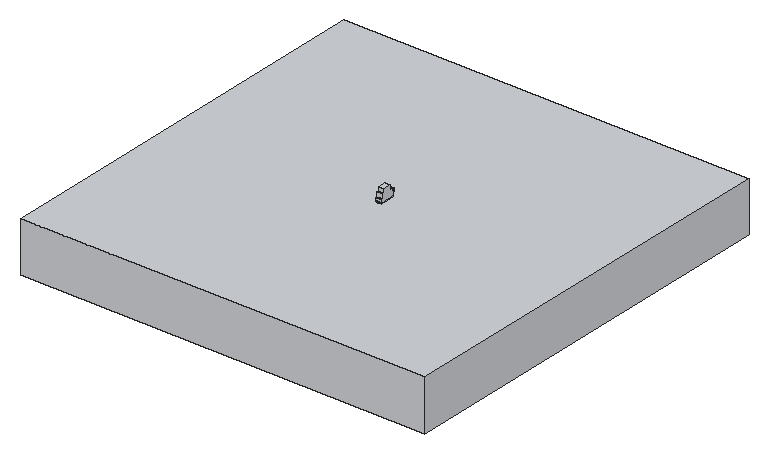
Revit family "Gira_208900", category Elektroinstallationen, Revit 2017
Family settings
  Basisbauteil = Fläche
  Beschriftungsausrichtung beibehalten = Nein
  Bemaßung runder Anschluss = Durchmesser verwenden
  Teiletyp = Normal
  Beim Laden mit Abzugskörper schneiden = Nein
  Gemeinsam genutzt = Nein
  Raumberechnungspunkt = Nein
Parameters
  With label area = no
  With display = yes
  With anti-theft/dismantling protection = yes
  Width in number of modular spacings = 2
  Default Elevation = 1219.2 mm
  URL = "https://www.gira.de/"
  Typname = "Gira S1 KNX DRA"
  Transparent = no
  Temperature controller = yes
  Surface protection = "Other"
  Surface finishing = "Not applicable"
  Status-LED = yes
  Radio frequent bidirectional = no
  Productwebsite = "http://katalog.gira.de/en/datenblatt.html?artikelnr=208900"
  Presence button = no
  Other bus systems = "Other"
  Mounting method = "DRA (DIN-rail adapter)"
  Model = "Other"
  Material quality = "Other"
  Material = "Other"
  Logic object = yes
  Integrated DCF77 receiver = no
  IR sensor = no
  Hersteller = "Gira"
  HAN = "208900"
  GTIN = "4010337035374"
  Degree of protection (IP) = "IP21"
  Data sheet = "https://katalog.gira.de/en/download.html?artikelnr=208900"
  Colour = "Red"
  Central functional unit for senders/actuators = yes
  Bus system radio frequent = no
  Bus system Powernet = no
  Bus system LON = no
  Bus system KNX radio = no
  Bus system KNX = yes
  Bus connection included = no
  Beschreibung = "Gira S1 DRA KNX,Gira S1,,DRA,Features:,- Secure access via Gira Smart Home app, HomeServer iOS app and Gira security system iOS or Android app.,- Secure remote access to web-based visualisations.,- Secure remote maintenance and remote programming of the Gira HomeServer, Gira G1, Gira X1, Gira L1, Gira DCS IP data interface, Gira Alarm Connect security system and Gira KNX IP router.,- Secure remote programming via the Gira HomeServer experts.,- Secure remote programming via the Gira Project Assistant (GPA).,- Secure remote maintenance and remote programming of KNX projects using ETS4 or ETS5. The programming and diagnosis is supported via group and bus monitor.,- Secure remote access to HTML pages in the smart home network (e.g. camera, NAS, router, switch).,- Secure data transfer courtesy of SSL TLS encryption.,- Portal server is located in Germany and is subject to German laws on data.,- Independence from internet provider and routers used. Secure remote access even with IPv6 Dual Stack Lite - (e.g. with Unitymedia), LTE, or UMTS connections.,- Management of access to the secure connections via KNX communication objects, Gira X1 ap, Gira HomeServer app, and QuadClient.,- Status signalling of the secure connections via KNX communication objects, Gira X1 ap, Gira HomeServer app, and QuadClient.,- Send notifications via e-mail. An attachment can be added to the email, as an option.,- Send notifications by text message or voice call via the chargeable, additional service sms77 or MessageBird.,- Notification triggers can be configured individually (filters, conditions, hysteresis).,- Supports up to 50 notifications.,- Optimised KNX IP communication, for mobile or very slow connections.,- Supports the accelerated transfer of the ETS to KNXnet IP devices via a direct KNX IP connection.,- Two RJ45 sockets with switch functionality support simple loop-through of the patch cable.,- Quick and convenient Gira S1 start-up via the Gira device portal.,- 2 GB of data each month.,- Unlimited operating life and 5 years' guaranteed server operation.,- Functional extensions and updates via firmware and software updates.,- Firmware update is performed via the Gira Project Assistant (GPA).,- Hardware prepared for KNX Secure. Future firmware update required.,,Notes :,- Supply via external DC 24 V.,- microSD card not included in delivery."
  BIM = "https://media.stage.bim.site/public/gira/ad86d9f/Gira%20X1%20REG%20KNX.rfa?public/gira/ad86d9f/Gira X1 REG KNX.rfa"
Reference planes
  plane 1 "Center (Front/Back)": y = 0
  plane 2: z = 0
  plane 3 "Center (Left/Right)": x = 0
Forms (mm)
  Extrusion 1, solid
    sketch origin (0, 0, 0) x (1, 0, 0) y (0, 1, 0)
      loop
        line (-1219.2, 1219.2) -> (-1219.2, -1219.2) -> (1219.2, -1219.2) -> (1219.2, 1219.2) -> (-1219.2, 1219.2)
    from 0 to -304.8
  Extrusion 2, solid, detail levels fine
    sketch origin (0, -0.2, 0) x (0, 1, 0) y (0, 0, 1)
      loop
        line (22.65, 43.82) -> (22.65, 68.77) -> (-22.25, 68.77) -> (-22.25, 43.82) -> (-30.4, 43.82) -> (-30.4, 19.42) -> (-44.8, 19.42) -> (-44.8, 1.97) -> (45.192, 1.97) -> (45.192, 28.47) -> (32.925, 28.47) -> (32.831, 39.259) -> (31.225, 41.242) -> (31.225, 43.82) -> (22.65, 43.82)
    from -17.95 to 17.95
  Extrusion 3, solid, detail levels fine
    sketch origin (0, -0.2, 0) x (0, 1, 0) y (0, 0, 1)
      loop
        line (45.192, 43.82) -> (31.225, 43.82) -> (31.225, 41.242) -> (32.831, 39.259) -> (32.925, 28.47) -> (45.192, 28.47) -> (45.192, 43.82)
    from -17.95 to -15.8
  Extrusion 4, solid, detail levels fine
    sketch origin (0, -0.2, 0) x (0, 1, 0) y (0, 0, -1)
      loop
        line (45.192, -43.82) -> (45.192, -28.47) -> (32.925, -28.47) -> (32.831, -39.259) -> (31.225, -41.242) -> (31.225, -43.82) -> (45.192, -43.82)
    from -17.95 to -15.8
  Extrusion 5, solid, detail levels fine
    sketch origin (0, -0.2, 0) x (0, 1, 0) y (0, 0, 1)
      loop
        line (31.5, 42.848) -> (31.5, 40.412)
        arc (31.5, 40.412) -> (38.359, 39.512) -> (45.192, 38.435) r 267
        line (45.192, 38.435) -> (45.192, 14.255)
        arc (45.192, 14.255) -> (50.205, 15.189) -> (55.2, 16.219) r 264.9
        line (55.2, 16.219) -> (55.2, 38.933)
        arc (55.2, 38.933) -> (43.394, 41.159) -> (31.5, 42.848) r 265
    from -15.506 to 15.5
  Extrusion 6, solid, detail levels fine
    sketch origin (0, -0.2, 0) x (0, 1, 0) y (0, 0, 1)
      loop
        line (45.2, 1.5) -> (17.774, 1.5) -> (17.905, -6.017)
        arc (17.905, -6.017) -> (20.285, -6.454) -> (22.7, -6.6) r 20
        arc (22.7, -6.6) -> (33.985, -5.009) -> (45.128, -2.618) r 160
        line (45.128, -2.618) -> (45.2, 1.5)
    from -17.95 to 18
  Extrusion 7, solid, detail levels fine
    sketch origin (0, -0.2, 0) x (0, 1, 0) y (0, 0, 1)
      loop
        line (17.905, -6.017) -> (17.824, -1.4) -> (16.8, -1.4) -> (14.749, -4.952)
        arc (14.749, -4.952) -> (16.305, -5.55) -> (17.905, -6.017) r 20
    from -17.95 to -13
  Extrusion 8, solid, detail levels fine
    sketch origin (0, -0.2, 0) x (0, 1, 0) y (0, 0, -1)
      loop
        arc (17.905, 6.017) -> (16.305, 5.55) -> (14.749, 4.952) r 20
        line (14.749, 4.952) -> (16.8, 1.4) -> (17.824, 1.4) -> (17.905, 6.017)
    from -17.95 to -13
  Extrusion 9, solid, detail levels fine
    sketch origin (0, -0.2, 0) x (0, 1, 0) y (0, 0, 1)
      loop
        line (17.8, 0) -> (17.774, 1.5) -> (-44.8, 1.5) -> (-44.774, 0) -> (17.8, 0)
    from -17.95 to 17.95
  Extrusion 10, solid, detail levels fine
    sketch origin (0, 0, 0) x (0, 1, 0) y (0, 0, 1)
      loop
        line (-48.916, -3.317) -> (-44.906, -3.881) -> (-44.974, 0) -> (-48.916, 0) -> (-48.916, -3.317)
    from -4.803 to 4.797
  Extrusion 11, solid, detail levels fine
    sketch origin (0, 0, 0) x (0, 1, 0) y (0, 0, 1)
      loop
        arc (-22.5, -6.6) -> (-20.811, -6.529) -> (-19.134, -6.315) r 20
        line (-19.134, -6.315) -> (-18.029, -3.279) -> (-18, 0) -> (-44.974, 0) -> (-44.928, -2.618)
        arc (-44.928, -2.618) -> (-33.785, -5.009) -> (-22.5, -6.6) r 160
    from -17.95 to -10.5
  Extrusion 12, solid, detail levels fine
    sketch origin (0, 0, 0) x (0, 1, 0) y (0, 0, -1)
      loop
        arc (-22.5, 6.6) -> (-33.785, 5.009) -> (-44.928, 2.618) r 160
        line (-44.928, 2.618) -> (-44.974, 0) -> (-18, 0) -> (-18.029, 3.279) -> (-19.134, 6.315)
        arc (-19.134, 6.315) -> (-20.811, 6.529) -> (-22.5, 6.6) r 20
    from -17.95 to -10.5
  Extrusion 13, solid, detail levels fine
    sketch origin (0, 0, 0) x (0, 1, 0) y (0, 0, 1)
      loop
        line (-30.708, -6.6) -> (-30.65, 0) -> (-44.974, 0) -> (-44.859, -6.6) -> (-30.708, -6.6)
    from -10.5 to 10.5
  Extrusion 14, solid, detail levels fine
    sketch origin (0, 0, 0) x (1, 0, 0) y (0, 1, 0)
      loop
        circle (-0.003, -20.023) r 1
    from -7.682 to 0
  Extrusion 15, solid, detail levels fine
    sketch origin (0, 0, 0) x (0, 1, 0) y (0, 0, 1)
      loop
        line (-17.523, -0.8) -> (-17.523, 0) -> (-30.65, 0) -> (-30.684, -3.9) -> (-27.106, -3.9) -> (-27.106, -5.6) -> (-19.623, -6.6) -> (-18.03, -6.6) -> (-15.023, -2.682) -> (-15.023, -1.517) -> (-17.523, -0.8)
    from -4.503 to 4.5
  Extrusion 16, solid, detail levels fine
    sketch origin (0, 0, 0) x (1, 0, 0) y (0, 1, 0)
      loop
        line (16.859, 43.848) -> (-16.859, 43.848) -> (-16.859, -43.859) -> (16.859, -43.859) -> (16.859, 43.848)
    from 1.5 to 4
  Extrusion 17, solid, detail levels medium
    sketch origin (0, 0, 0) x (0, 1, 0) y (0, 0, 1)
      loop
        line (22.45, 68.77) -> (-22.45, 68.77) -> (-22.45, 43.82) -> (-30.6, 43.82) -> (-30.6, 19.42) -> (-45, 19.42) -> (-45, 0) -> (-48.916, 0) -> (-48.916, -6.6) -> (-15.023, -6.6) -> (-15.023, 0) -> (14.549, 0) -> (14.549, -6.6) -> (44.992, -6.6) -> (44.992, 14.255)
        arc (44.992, 14.255) -> (50.005, 15.189) -> (55, 16.219) r 264.9
        line (55, 16.219) -> (55, 38.933)
        arc (55, 38.933) -> (50.005, 39.943) -> (44.992, 40.856) r 265
        line (44.992, 40.856) -> (44.992, 43.82) -> (22.45, 43.82) -> (22.45, 68.77)
    from -17.95 to 17.95
  Extrusion 18, solid, detail levels coarse
    sketch origin (0, 0, 0) x (1, 0, 0) y (0, 1, 0)
      loop
        line (-17.95, 55) -> (-17.95, -48.916) -> (17.95, -48.916) -> (17.95, 55) -> (-17.95, 55)
    from -7.682 to 68.77
Dimensions and locks
  aligned and locked: plane 2 to Extrusion 1
  aligned and locked: level to Extrusion 1
Connectors
  electrical at (0, -13.687, 0)
    settings: on Extrusion 9, index 1, voltage 24 V, apparent load 0 VA, apparent load phase1 0 VA, apparent load phase2 0 VA, apparent load phase3 0 VA, power factor 1, load classification "Other", number of poles 1, system type 30, power factor state 1, is connector primary yes, connector utility no, sub classification motor no, connector description ""
